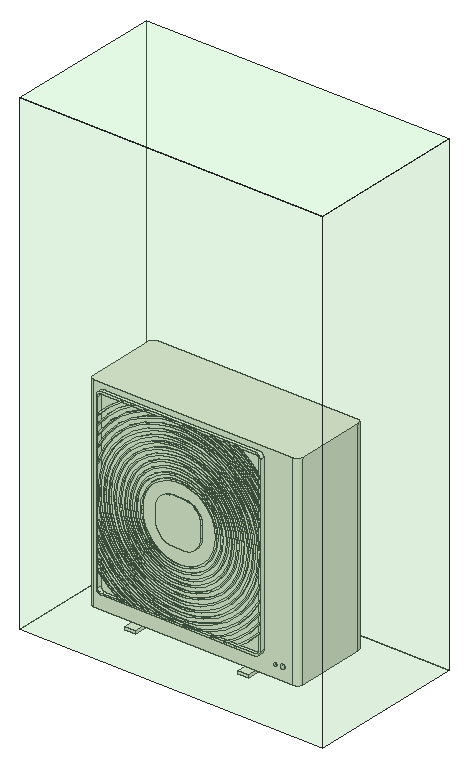
Revit family "BC_Hitachi_RAS-3HVNC1_LOD400", category Equipement de génie climatique, Revit 2017
Family settings
  Cote de connecteur circulaire = Utiliser le diamètre
  Type d'élément = Normal
  Numéro OmniClass = 23.75.00.00
  Titre OmniClass = Climate Control (HVAC)
  Basée sur le plan de construction = Non
  Toujours verticalement = Oui
  Couper avec des vides une fois chargée = Non
  Partagée = Non
  Point de calcul de pièce = Non
Parameters (values of type "RAS-3HVNC1")
  Wired Remote control model (Optional) = "PC-ARFPE"
  Starting current (A) = "Less than maximum current"
  Sound level = 66
  Size of transmission cable between indoor unit and outdoor unit = "2 x 0.75 mm²"
  Size of power cable (according to EN 60335-1) = "3 x 4.0 mm²"
  Refrigerant charge before shipment = 1.90 kg
  Refrigerant Type = "R410A"
  Reference = "RAS-3HVNC1"
  Product Code = ""
  Overall Width = 792.00 mm
  Overall Height = 800.00 mm
  Overall Depth = 300.00 mm
  Number of Poles = "1"
  Nominal Voltage = 230 V
  Nominal Air Flow = 2682.0 m³/h
  Net Weight = 44.00 kg
  Modèle = "IVX - RAS-3HVNC1"
  Minimum connected capacity = "90 %"
  Minimum connectable indoor units = "1"
  Miminum piping length = 5000.00 mm
  Maximum piping length (additional refrigerant needed) = "50 m (40g/m)"
  Maximum connected capacity = "110 %"
  Maximum connectable indoor units = "2"
  Maximum chargless piping length = 20.00 mm
  Material = IVX Material
  Manufacturer = "Hitachi Air Conditioning Europe SAS"
  Liquid Diameter = 9.52 mm
  Height difference between OU & IU (lower OU) = 20000.00 mm
  Height difference between OU & IU (higher OU) = 30000.00 mm
  Heating Sound Pressure Level = 50
  Heating Running Current = 8.3 A
  Heating Capacity Min = 3500 W
  Heating Capacity Max = 10600 W
  Heating Capacity = 8000 W
  Gas Diameter = 15.88 mm
  Sound pressure level Night mode cooling (dB(A)) = "46"
  Service space [instance] = yes
  Recommended circuit breaker = 20 A
  Frequency = 50 Hz
  built-in parameter 1010108 = ""
  Energy efficiency ratio (EER) = 3.14
  Description = ""
  Cooling Sound Pressure Level = 48
  Cooling Running Current = 9.4 A
  Cooling Capacity Min = 3200 W
  Cooling Capacity Max = 8000 W
  Cooling Capacity = 7100 W
  Compressor Type = "Scroll DC Inverter driven"
  Commentaires du type = "RAS-3HVNC1"
  Coefficient of Performance (COP) = 4
  BC_VARIANT_ID = "192672"
  BC_OBJECT_VERSION = "#1"  # constant formula
  BC_OBJECT_ID = "29466"  # constant formula
  BC_MODEL_ID = ""  # constant formula
Reference planes
  plane 1 "Centre (avant/arrière)": y = 0
  plane 2: z = 0
  plane 3 "Centre (gauche/droite)": x = 0
  plane 4 "Ar": y = 150
  plane 5 "Av": y = -150
  plane 6 "Haut": z = 800
  plane 7 "D": x = 396
  plane 8 "G": x = -396
  plane 9: y = 250
  plane 10: x = -496
  plane 11: x = 646
  plane 12: y = -350
  plane 13 "Service space hight": z = 1800
  plane 14: z = 32
  plane 15: z = 780
  plane 16: z = 92
  plane 17: x = -356
  plane 18: x = 264
  plane 19 "Gas": x = 336.5
  plane 20 "liquide": x = 309
Forms (mm)
  Extrusion 1, solid, material "Service space walls in 4 directions", visible <- "Service space"
    sketch origin (0, 0, 0) x (1, 0, 0) y (0, 1, 0)
      loop
        line (-496, 250) -> (-496, -350) -> (646, -350) -> (646, 250) -> (-496, 250)
    from 0 to 1800
  Sweep 2, solid, material "IVX Material" <- "Material"
    path origin (115, -150, 0) x (1, 0, 0) y (0, 0, 1)
      loop
        line (-371, 32) -> (-331, 32)
    profile origin (-236, -150, 32) x (0, 0, 1) y (0, -1, 0)
      loop
        line (0, -185) -> (0, -138.475) -> (-22, -68.03) -> (-22, 5) -> (-32, 5) -> (-32, -69.555) -> (-10, -140) -> (-10, -185) -> (0, -185)
  Extrusion 3, solid
    sketch origin (-0.125, 0, 0.09) x (1, 0, 0) y (0, 0, 1)
      loop
        circle (336.625, 264) r 9
      loop
        circle (309.125, 347) r 5
    from 0 to 20
  Extrusion 4, solid, not visible
    sketch origin (483, 100, 284) x (0, -1, 0) y (0, 0, -1)
      loop
        circle (100, 23.117) r 10
    from -92 to -87
  Sweep 5, solid, material "IVX Material" <- "Material"
    path origin (115, 185, 0) x (1, 0, 0) y (0, 0, -1)
      loop
        line (-371, -32) -> (-331, -32)
    profile origin (-236, 185, 32) x (0, 0, -1) y (0, 1, 0)
      loop
        line (0, -185) -> (10, -185) -> (10, -140) -> (32, -69.555) -> (32, 5) -> (22, 5) -> (22, -68.03) -> (0, -138.475) -> (0, -185)
  Sweep 6, solid, material "IVX Material" <- "Material"
    path origin (-115, -150, 0) x (-1, 0, 0) y (0, 0, 1)
      loop
        line (-326, 32) -> (-286, 32)
    profile origin (191, -150, 32) x (0, 0, -1) y (0, -1, 0)
      loop
        line (0, -185) -> (10, -185) -> (10, -140) -> (32, -69.555) -> (32, 5) -> (22, 5) -> (22, -68.03) -> (0, -138.475) -> (0, -185)
  Sweep 7, solid, material "IVX Material" <- "Material"
    path origin (-115, 185, 0) x (-1, 0, 0) y (0, 0, 1)
      loop
        line (-326, 32) -> (-286, 32)
    profile origin (191, 185, 32) x (0, 0, 1) y (0, 1, 0)
      loop
        line (0, -185) -> (0, -138.475) -> (-22, -68.03) -> (-22, 5) -> (-32, 5) -> (-32, -69.555) -> (-10, -140) -> (-10, -185) -> (0, -185)
  Extrusion 8, solid, material "IVX Material" <- "Material"
    sketch origin (0, -150, 0) x (1, 0, 0) y (0, 0, 1)
      loop
        arc (-336, 780.629) -> (-350.142, 774.771) -> (-356, 760.629) r 20
        line (-356, 760.629) -> (-356, 112)
        arc (-356, 112) -> (-350.142, 97.858) -> (-336, 92) r 20
        line (-336, 92) -> (244, 92)
        arc (244, 92) -> (258.142, 97.858) -> (264, 112) r 20
        line (264, 112) -> (264, 760.629)
        arc (264, 760.629) -> (258.142, 774.771) -> (244, 780.629) r 20
        line (244, 780.629) -> (-336, 780.629)
      loop
        arc (-351, 112) -> (-346.607, 101.393) -> (-336, 97) r 15
        line (-336, 97) -> (244, 97)
        arc (244, 97) -> (254.607, 101.393) -> (259, 112) r 15
        line (259, 112) -> (259, 760.629)
        arc (259, 760.629) -> (254.607, 771.236) -> (244, 775.629) r 15
        line (244, 775.629) -> (-336, 775.629)
        arc (-336, 775.629) -> (-346.607, 771.236) -> (-351, 760.629) r 15
        line (-351, 760.629) -> (-351, 112)
    from 0 to 15
  Sweep 9, solid
    path in 3D
      loop
        line (336.5, -150, 79.5) -> (336.5, -90, 79.5) -> (336.5, -90, 264.09) -> (336.5, -20, 264.09)
    profile origin (336.5, -120, 79.5) x (0, 0, -1) y (-1, 0, 0)
      loop
        circle (0, 0) r 7.94
  Sweep 10, solid
    path in 3D
      loop
        line (309, -150, 77) -> (309, -90, 77) -> (309, -90, 347.09) -> (309, -20, 347.09)
    profile origin (309, -120, 77) x (0, 0, -1) y (-1, 0, 0)
      loop
        circle (0, 0) r 4.76
  Extrusion 11, solid, material "IVX Material" <- "Material"
    sketch origin (80.297, -150, 0.843) x (1, 0, 0) y (0, 0, 1)
      loop
        circle (-125, 436) r 140
      loop
        circle (-125, 436) r 145
      loop
        circle (-125, 436) r 160
      loop
        circle (-125, 436) r 165
      loop
        circle (-125, 436) r 180
      loop
        circle (-125, 436) r 185
      loop
        circle (-125, 436) r 200
      loop
        circle (-125, 436) r 205
      loop
        circle (-125, 436) r 220
      loop
        circle (-125, 436) r 225
      loop
        circle (-125, 436) r 240
      loop
        circle (-125, 436) r 245
      loop
        circle (-125, 436) r 260
      loop
        circle (-125, 436) r 265
      loop
        circle (-125, 436) r 280
      loop
        circle (-125, 436) r 285
      loop
        circle (-125, 436) r 300
      loop
        circle (-125, 436) r 305
      loop
        arc (-430, 532.825) -> (-125, 756) -> (180, 532.825) r 320
        line (180, 532.825) -> (180, 548.25)
        arc (180, 548.25) -> (-125, 761) -> (-430, 548.25) r 325
        line (-430, 548.25) -> (-430, 532.825)
      loop
        line (-430, 339.175) -> (-430, 323.75)
        arc (-430, 323.75) -> (-125, 111) -> (180, 323.75) r 325
        line (180, 323.75) -> (180, 339.175)
        arc (180, 339.175) -> (-125, 116) -> (-430, 339.175) r 320
      loop
        arc (-430, 586.25) -> (-311.298, 720.417) -> (-140.88, 775.629) r 340
        line (-140.88, 775.629) -> (-185.64, 775.629)
        arc (-185.64, 775.629) -> (-328.417, 714.652) -> (-430, 597.245) r 345
        line (-430, 597.245) -> (-430, 586.25)
      loop
        arc (-109.12, 775.629) -> (61.298, 720.417) -> (180, 586.25) r 340
        line (180, 586.25) -> (180, 597.245)
        arc (180, 597.245) -> (78.417, 714.652) -> (-64.36, 775.629) r 345
        line (-64.36, 775.629) -> (-109.12, 775.629)
      loop
        arc (-430, 627.246) -> (-349.788, 717.195) -> (-244.382, 775.629) r 360
        line (-244.382, 775.629) -> (-258.706, 775.629)
        arc (-258.706, 775.629) -> (-355.119, 719.32) -> (-430, 636.499) r 365
        line (-430, 636.499) -> (-430, 627.246)
      loop
        arc (-5.618, 775.629) -> (99.788, 717.195) -> (180, 627.246) r 360
        line (180, 627.246) -> (180, 636.499)
        arc (180, 636.499) -> (105.119, 719.32) -> (8.706, 775.629) r 365
        line (8.706, 775.629) -> (-5.618, 775.629)
      loop
        arc (-430, 662.661) -> (-369.342, 727.028) -> (-295.447, 775.629) r 380
        line (-295.447, 775.629) -> (-306.321, 775.629)
        arc (-306.321, 775.629) -> (-373.73, 729.868) -> (-430, 670.947) r 385
        line (-430, 670.947) -> (-430, 662.661)
      loop
        arc (45.447, 775.629) -> (119.342, 727.028) -> (180, 662.661) r 380
        line (180, 662.661) -> (180, 670.947)
        arc (180, 670.947) -> (123.73, 729.868) -> (56.321, 775.629) r 385
        line (56.321, 775.629) -> (45.447, 775.629)
      loop
        arc (86.311, 775.629) -> (136.3, 738.857) -> (180, 694.795) r 400
        line (180, 694.795) -> (180, 702.458)
        arc (180, 702.458) -> (140.349, 741.966) -> (95.629, 775.629) r 405
        line (95.629, 775.629) -> (86.311, 775.629)
      loop
        arc (-430, 694.795) -> (-386.3, 738.857) -> (-336.311, 775.629) r 400
        line (-336.311, 775.629) -> (-345.629, 775.629)
        arc (-345.629, 775.629) -> (-390.349, 741.966) -> (-430, 702.458) r 405
        line (-430, 702.458) -> (-430, 694.795)
      loop
        line (-430, 285.75) -> (-430, 274.755)
        arc (-430, 274.755) -> (-328.417, 157.348) -> (-185.64, 96.371) r 345
        line (-185.64, 96.371) -> (-140.88, 96.371)
        arc (-140.88, 96.371) -> (-311.298, 151.583) -> (-430, 285.75) r 340
      loop
        line (-109.12, 96.371) -> (-64.36, 96.371)
        arc (-64.36, 96.371) -> (78.417, 157.348) -> (180, 274.755) r 345
        line (180, 274.755) -> (180, 285.75)
        arc (180, 285.75) -> (61.298, 151.583) -> (-109.12, 96.371) r 340
      loop
        line (-430, 244.754) -> (-430, 235.501)
        arc (-430, 235.501) -> (-355.119, 152.68) -> (-258.706, 96.371) r 365
        line (-258.706, 96.371) -> (-244.382, 96.371)
        arc (-244.382, 96.371) -> (-349.788, 154.805) -> (-430, 244.754) r 360
      loop
        line (-5.618, 96.371) -> (8.706, 96.371)
        arc (8.706, 96.371) -> (105.119, 152.68) -> (180, 235.501) r 365
        line (180, 235.501) -> (180, 244.754)
        arc (180, 244.754) -> (99.788, 154.805) -> (-5.618, 96.371) r 360
      loop
        line (-430, 209.339) -> (-430, 201.053)
        arc (-430, 201.053) -> (-373.73, 142.132) -> (-306.321, 96.371) r 385
        line (-306.321, 96.371) -> (-295.447, 96.371)
        arc (-295.447, 96.371) -> (-369.342, 144.972) -> (-430, 209.339) r 380
      loop
        line (45.447, 96.371) -> (56.321, 96.371)
        arc (56.321, 96.371) -> (123.73, 142.132) -> (180, 201.053) r 385
        line (180, 201.053) -> (180, 209.339)
        arc (180, 209.339) -> (119.342, 144.972) -> (45.447, 96.371) r 380
      loop
        line (86.311, 96.371) -> (95.629, 96.371)
        arc (95.629, 96.371) -> (140.349, 130.034) -> (180, 169.542) r 405
        line (180, 169.542) -> (180, 177.205)
        arc (180, 177.205) -> (136.3, 133.143) -> (86.311, 96.371) r 400
      loop
        line (-430, 177.205) -> (-430, 169.542)
        arc (-430, 169.542) -> (-390.349, 130.034) -> (-345.629, 96.371) r 405
        line (-345.629, 96.371) -> (-336.311, 96.371)
        arc (-336.311, 96.371) -> (-386.3, 133.143) -> (-430, 177.205) r 400
      loop
        arc (-147.797, 523.972) -> (-193.406, 505.08) -> (-212.297, 459.472) r 64.5
        line (-212.297, 459.472) -> (-212.297, 416.472)
        arc (-212.297, 416.472) -> (-193.406, 370.863) -> (-147.797, 351.972) r 64.5
        line (-147.797, 351.972) -> (-104.797, 351.972)
        arc (-104.797, 351.972) -> (-59.189, 370.863) -> (-40.297, 416.472) r 64.5
        line (-40.297, 416.472) -> (-40.297, 459.472)
        arc (-40.297, 459.472) -> (-59.189, 505.08) -> (-104.797, 523.972) r 64.5
        line (-104.797, 523.972) -> (-147.797, 523.972)
    from 12 to 15
  Extrusion 12, solid, material "IVX Material" <- "Material"
    sketch origin (475, 0, 284) x (0, 1, 0) y (-1, 0, 0)
      loop
        arc (150, 851) -> (144.142, 865.142) -> (130, 871) r 20
        line (130, 871) -> (-130, 871)
        arc (-130, 871) -> (-144.142, 865.142) -> (-150, 851) r 20
        line (-150, 851) -> (-150, 99)
        arc (-150, 99) -> (-144.142, 84.858) -> (-130, 79) r 20
        line (-130, 79) -> (130, 79)
        arc (130, 79) -> (144.142, 84.858) -> (150, 99) r 20
        line (150, 99) -> (150, 851)
    from -252 to 516
Cuts and joins
  joined: Sweep 2, Sweep 5
  joined: Sweep 6, Sweep 7
Lines and regions (mm)
  model lines
    curve 1: line (302.98, -150, 157.435) -> (382.98, -150, 157.435)
    curve 2: line (292.98, -150, 74.935) -> (292.98, -150, 147.435)
    curve 3: line (382.98, -150, 64.935) -> (302.98, -150, 64.935)
    curve 4: line (392.98, -150, 147.435) -> (392.98, -150, 74.935)
    curve 5: arc (292.98, -150, 147.435) -> (295.909, -150, 154.506) -> (302.98, -150, 157.435) r 10
    curve 6: arc (382.98, -150, 157.435) -> (390.051, -150, 154.506) -> (392.98, -150, 147.435) r 10
    curve 7: arc (382.98, -150, 64.935) -> (390.051, -150, 67.864) -> (392.98, -150, 74.935) r 10
    curve 8: arc (302.98, -150, 64.935) -> (295.909, -150, 67.864) -> (292.98, -150, 74.935) r 10
    curve 9: line (336.5, -150, 79.5) -> (336.5, -90, 79.5)
    curve 10: line (336.5, -90, 79.5) -> (336.5, -90, 264.09)
    curve 11: line (336.5, -90, 264.09) -> (336.5, -20, 264.09)
    curve 15: line (309, -150, 77) -> (309, -90, 77)
    curve 16: line (309, -90, 77) -> (309, -90, 347.09)
    curve 17: line (309, -90, 347.09) -> (309, -20, 347.09)
  sketch lines
    curve 12: line (336.5, -150, 79.5) -> (336.5, -90, 79.5)
    curve 13: line (336.5, -90, 79.5) -> (336.5, -90, 264.09)
    curve 14: line (336.5, -90, 264.09) -> (336.5, -20, 264.09)
    curve 18: line (309, -150, 77) -> (309, -90, 77)
    curve 19: line (309, -90, 77) -> (309, -90, 347.09)
    curve 20: line (309, -90, 347.09) -> (309, -20, 347.09)
Dimensions and locks
  equal spacing: plane 4 "Ar", plane 1 "Centre (avant/arrière)", plane 5 "Av"
  "Overall Depth": plane 4 "Ar" to plane 5 "Av"
  "Overall Height": plane 2 to plane 6 "Haut"
  "Overall Width": plane 8 "G" to plane 7 "D"
  locked: plane 9 to plane 4 "Ar" at 100
  locked: plane 10 to plane 8 "G" at 100
  locked: plane 12 to plane 5 "Av" at 200
  locked: plane 7 "D" to plane 11 at 250
  locked: plane 13 "Service space hight" to plane 6 "Haut" at 1000
  equal spacing: plane 8 "G", plane 3 "Centre (gauche/droite)", plane 7 "D"
  plane 14 to plane 2 = 32.00 mm
  locked: plane 6 "Haut" to plane 15 at 20
  locked: plane 16 to plane 14 at 60
  locked: plane 17 to plane 8 "G" at 40
  plane 18 to plane 17 = 620.00 mm
  Extrusion 3 sketch curve to plane 14 = 315.09 mm
  Extrusion 3 sketch curve to plane 14 = 232.09 mm
  plane 20 "liquide" to plane 19 "Gas" = 27.50 mm
  locked: plane 19 "Gas" to plane 7 "D" at 59.5
  locked: plane 20 "liquide" to plane 7 "D" at 87
  diameter of Extrusion 3 sketch curve = 18.00 mm
  diameter of Extrusion 3 sketch curve = 10.00 mm
  "Gas Diameter": diameter of Sweep 9 sketch curve
  "Liquid Diameter": diameter of Sweep 10 sketch curve
  radius of Extrusion 12 sketch curve = 20.00 mm  (x4)
  aligned and locked: level to plane 2
  aligned and locked: Extrusion 1 sketch curve to plane 9
  aligned and locked: plane 10 to Extrusion 1 sketch curve
  aligned and locked: Extrusion 1 sketch curve to plane 12
  aligned and locked: plane 11 to Extrusion 1 sketch curve
  aligned and locked: plane 13 "Service space hight" to Extrusion 1
  aligned and locked: Sweep 2 sketch curve to plane 14
  aligned and locked: plane 8 "G" to Extrusion 12 sketch curve
  aligned and locked: Extrusion 12 sketch curve to plane 4 "Ar"
  aligned and locked: Extrusion 12 sketch curve to plane 5 "Av"
  aligned and locked: plane 7 "D" to Extrusion 12 sketch curve
  aligned and locked: plane 6 "Haut" to Extrusion 12
  aligned and locked: Extrusion 12 to plane 14
  aligned and locked: Extrusion 4 to plane 7 "D"
Automatic sketch dimensions
  Extrusion 8 sketch curve to plane 15 = 19.371 mm
  plane 16 to Extrusion 8 sketch curve = 20.00 mm
  plane 18 to Extrusion 8 sketch curve = 20.00 mm  (x2)
  Extrusion 8 sketch curve to Extrusion 8 sketch curve = 0.00 mm  (x11)
  plane 17 to Extrusion 8 sketch curve = 5.00 mm
  Extrusion 8 sketch curve to plane 17 = 0.00 mm
  Extrusion 8 sketch curve to plane 16 = 0.00 mm
  plane 18 to Extrusion 8 sketch curve = 0.00 mm
  Extrusion 8 sketch curve to Extrusion 8 sketch curve = 15.00 mm
  Extrusion 4 sketch curve to plane 1 "Centre (avant/arrière)" = 0.00 mm
  plane 16 to Extrusion 4 sketch curve = 168.883 mm
  Sweep 2 sketch curve to plane 14 = 0.00 mm
  plane 17 to Sweep 2 sketch curve = 100.00 mm
  Sweep 2 sketch curve to Sweep 2 sketch curve = 40.00 mm
  profile plane to Sweep 2 sketch curve = 10.00 mm
  profile plane to Sweep 2 sketch curve = 22.00 mm
  plane 5 "Av" to Sweep 2 sketch curve = 5.00 mm
  Sweep 2 sketch curve to Sweep 2 sketch curve = 10.00 mm
  Sweep 2 sketch curve to plane 5 "Av" = 68.03 mm
  Sweep 2 sketch curve to Sweep 2 sketch curve = 1.525 mm  (x2)
  Sweep 2 sketch curve to Sweep 2 sketch curve = 70.445 mm
  Sweep 2 sketch curve to Sweep 2 sketch curve = 45.00 mm
  Sweep 5 sketch curve to plane 14 = 0.00 mm
  plane 17 to Sweep 5 sketch curve = 100.00 mm
  Sweep 5 sketch curve to Sweep 5 sketch curve = 40.00 mm
  Sweep 5 sketch curve to profile plane = 0.00 mm
  Sweep 5 sketch curve to Sweep 5 sketch curve = 10.00 mm  (x2)
  profile plane to Sweep 5 sketch curve = 5.00 mm
  Sweep 5 sketch curve to profile plane = 22.00 mm
  Sweep 5 sketch curve to profile plane = 68.03 mm
  Sweep 5 sketch curve to Sweep 5 sketch curve = 1.525 mm  (x2)
  Sweep 5 sketch curve to Sweep 5 sketch curve = 70.445 mm
  Sweep 5 sketch curve to Sweep 5 sketch curve = 45.00 mm
  Sweep 6 sketch curve to plane 14 = 0.00 mm
  Sweep 6 sketch curve to plane 20 "liquide" = 98.00 mm
  Sweep 6 sketch curve to Sweep 6 sketch curve = 40.00 mm
  Sweep 6 sketch curve to profile plane = 0.00 mm
  Sweep 6 sketch curve to Sweep 6 sketch curve = 10.00 mm  (x2)
  plane 5 "Av" to Sweep 6 sketch curve = 5.00 mm
  Sweep 6 sketch curve to profile plane = 22.00 mm
  Sweep 6 sketch curve to plane 5 "Av" = 68.03 mm
  Sweep 6 sketch curve to Sweep 6 sketch curve = 1.525 mm  (x2)
  Sweep 6 sketch curve to Sweep 6 sketch curve = 70.445 mm
  Sweep 6 sketch curve to Sweep 6 sketch curve = 45.00 mm
  Sweep 7 sketch curve to plane 14 = 0.00 mm
  plane 20 "liquide" to Sweep 7 sketch curve = 98.00 mm
  Sweep 7 sketch curve to Sweep 7 sketch curve = 40.00 mm
  profile plane to Sweep 7 sketch curve = 0.00 mm
  profile plane to Sweep 7 sketch curve = 10.00 mm
  profile plane to Sweep 7 sketch curve = 22.00 mm
  profile plane to Sweep 7 sketch curve = 5.00 mm
  Sweep 7 sketch curve to Sweep 7 sketch curve = 10.00 mm
  Sweep 7 sketch curve to profile plane = 68.03 mm
  Sweep 7 sketch curve to Sweep 7 sketch curve = 1.525 mm  (x2)
  Sweep 7 sketch curve to Sweep 7 sketch curve = 70.445 mm
  Sweep 7 sketch curve to Sweep 7 sketch curve = 45.00 mm
  curve 9 to plane 5 "Av" = 0.00 mm
  plane 16 to curve 10 = 12.50 mm
  plane 5 "Av" to curve 10 = 60.00 mm
  curve 9 to curve 11 = 184.59 mm
  curve 11 to plane 1 "Centre (avant/arrière)" = 20.00 mm
  curve 15 to plane 5 "Av" = 0.00 mm
  plane 16 to curve 16 = 15.00 mm
  plane 5 "Av" to curve 16 = 60.00 mm
  curve 17 to plane 16 = 255.09 mm
  curve 17 to plane 1 "Centre (avant/arrière)" = 20.00 mm
  Extrusion 11 sketch curve to Extrusion 11 sketch curve = 0.00 mm  (x2863)
  plane 17 to Extrusion 11 sketch curve = 6.297 mm  (x10)
  plane 16 to Extrusion 11 sketch curve = 5.214 mm  (x8)
  plane 17 to Extrusion 11 sketch curve = 90.668 mm  (x2)
  Extrusion 11 sketch curve to plane 15 = 3.528 mm  (x8)
  Extrusion 11 sketch curve to Extrusion 11 sketch curve = 9.318 mm  (x4)
  Extrusion 11 sketch curve to Extrusion 11 sketch curve = 29.99 mm  (x4)
  Extrusion 11 sketch curve to Extrusion 11 sketch curve = 10.874 mm  (x4)
  Extrusion 11 sketch curve to Extrusion 11 sketch curve = 36.741 mm  (x4)
  Extrusion 11 sketch curve to Extrusion 11 sketch curve = 14.323 mm  (x2)
  Extrusion 11 sketch curve to plane 3 "Centre (gauche/droite)" = 132.00 mm
  Extrusion 11 sketch curve to Extrusion 11 sketch curve = 58.743 mm  (x2)
  Extrusion 11 sketch curve to Extrusion 11 sketch curve = 64.50 mm
  Extrusion 11 sketch curve to Extrusion 11 sketch curve = 44.76 mm  (x4)
  Extrusion 11 sketch curve to Extrusion 11 sketch curve = 22.797 mm
  Extrusion 11 sketch curve to Extrusion 11 sketch curve = 31.76 mm  (x2)
  Extrusion 11 sketch curve to Extrusion 11 sketch curve = 20.203 mm  (x2)
  plane 3 "Centre (gauche/droite)" to Extrusion 11 sketch curve = 40.00 mm
  plane 3 "Centre (gauche/droite)" to Extrusion 11 sketch curve = 74.68 mm  (x2)
  plane 3 "Centre (gauche/droite)" to Extrusion 11 sketch curve = 89.003 mm  (x2)
  plane 18 to Extrusion 11 sketch curve = 3.703 mm  (x10)
  Extrusion 11 sketch curve to Extrusion 11 sketch curve = 73.171 mm
  Extrusion 11 sketch curve to Extrusion 11 sketch curve = 38.00 mm
  Extrusion 11 sketch curve to Extrusion 11 sketch curve = 15.425 mm  (x2)
  Extrusion 11 sketch curve to Extrusion 11 sketch curve = 84.028 mm
  Extrusion 11 sketch curve to Extrusion 11 sketch curve = 43.00 mm
  Extrusion 11 sketch curve to Extrusion 11 sketch curve = 53.425 mm
  plane 20 "liquide" to Extrusion 3 sketch curve = 0.00 mm
  plane 19 "Gas" to Extrusion 3 sketch curve = 0.00 mm
  Extrusion 12 sketch curve to plane 4 "Ar" = 0.00 mm
  plane 20 "liquide" to curve 2 = 16.02 mm
  plane 20 "liquide" to curve 3 = 6.02 mm
  plane 20 "liquide" to curve 5 = 6.02 mm
  plane 7 "D" to curve 7 = 13.02 mm
  plane 7 "D" to curve 1 = 13.02 mm
  plane 7 "D" to curve 4 = 3.02 mm
  curve 3 to plane 16 = 27.065 mm
  plane 16 to curve 2 = 55.435 mm
  Sweep 9 sketch curve to profile plane = 0.00 mm
  profile plane to Sweep 9 sketch curve = 0.00 mm
  Sweep 10 sketch curve to profile plane = 0.00 mm
  profile plane to Sweep 10 sketch curve = 0.00 mm
  radius of Extrusion 4 sketch curve = 10.00 mm
  radius of Extrusion 11 sketch curve = 140.00 mm
  radius of Extrusion 11 sketch curve = 145.00 mm
  radius of Extrusion 11 sketch curve = 160.00 mm
  radius of Extrusion 11 sketch curve = 165.00 mm
  radius of Extrusion 11 sketch curve = 180.00 mm
  radius of Extrusion 11 sketch curve = 185.00 mm
  radius of Extrusion 11 sketch curve = 200.00 mm
  radius of Extrusion 11 sketch curve = 205.00 mm
  radius of Extrusion 11 sketch curve = 220.00 mm
  radius of Extrusion 11 sketch curve = 225.00 mm
  radius of Extrusion 11 sketch curve = 240.00 mm
  radius of Extrusion 11 sketch curve = 245.00 mm
  radius of Extrusion 11 sketch curve = 260.00 mm
  radius of Extrusion 11 sketch curve = 265.00 mm
  radius of Extrusion 11 sketch curve = 280.00 mm
  radius of Extrusion 11 sketch curve = 285.00 mm
  radius of Extrusion 11 sketch curve = 300.00 mm
  radius of Extrusion 11 sketch curve = 305.00 mm
Connectors
  electrical at (396, 0, 260.883), driven by "Nominal Voltage"
    settings: on Extrusion 4, index 3, voltage 230 V, apparent load 0 VA, apparent load phase1 0 VA, apparent load phase2 0 VA, apparent load phase3 0 VA, power factor 1, load classification "Autre", number of poles 1, system type 30, power factor state 1, is connector primary yes, connector utility no, sub classification motor no, connector description ""
  piping at (336.5, -150, 79.5), diameter 15.88, driven by "Gas Diameter"
    settings: on Sweep 9, index 7, connector inside diameter 609.6 mm, connector length 0.00 mm, flow factor 0, pipe flow 0.0 L/s, pressure drop 0.0 Pa, fitting loss kfactor 0, connector angle 0.00°, fixture units 0, engagement length 0.00 mm, angle of deflection 0.00°, flow configuration 0, flow direction 0, fitting loss method 0, system type 29, joint type 0, gender type 0, connector reference index -1, connector utility 0, adjustable connector no, is connector primary yes, connector description "Gas Connection"
  piping at (309, -150, 77), diameter 9.52, driven by "Liquid Diameter"
    settings: on Sweep 10, index 8, connector inside diameter 609.6 mm, connector length 0.00 mm, flow factor 0, pipe flow 0.0 L/s, pressure drop 0.0 Pa, fitting loss kfactor 0, connector angle 0.00°, fixture units 0, engagement length 0.00 mm, angle of deflection 0.00°, flow configuration 0, flow direction 2, fitting loss method 0, system type 16, joint type 0, gender type 0, connector reference index -1, connector utility 0, adjustable connector no, is connector primary no, connector description "Liquid Connection"
